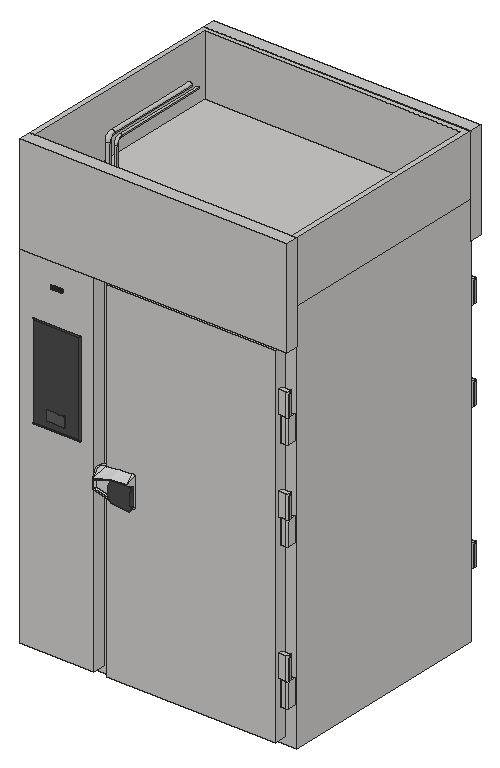
Revit family "QF_ZANUSSI_110551_ZBFA22RPE", category Specialty Equipment, Revit 2018 (continued)
Automatic sketch dimensions
  plane 3 "RIGHT" to curve 43 = 39 mm
  plane 3 "RIGHT" to curve 71 = 50 mm
  curve 42 to curve 40 = 11 mm
  curve 74 to curve 76 = 21 mm
  curve 42 to curve 44 = 21 mm
  curve 39 to plane 7 = 23 mm
  curve 47 to plane 7 = 57 mm
  curve 47 to curve 45 = 52.711 mm
  curve 45 to curve 41 = 95.289 mm
  curve 42 to curve 42 = 23.874 mm
  curve 42 to curve 44 = 1.937 mm
  curve 37 to curve 38 = 10 mm
  curve 36 to curve 35 = 20 mm
  curve 48 to plane 4 "FRONT" = 26.348 mm
  curve 12 to plane 4 "FRONT" = 313.032 mm
  curve 11 to curve 5 = 4.241 mm
  curve 5 to curve 4 = 0.785 mm
  curve 10 to curve 10 = 10 mm
  curve 16 to curve 15 = 4.974 mm
  curve 6 to plane 9 = 232 mm
  curve 5 to curve 4 = 0.032 mm
  plane 8 "BACK" to curve 25 = 93.807 mm
  curve 25 to curve 21 = 27.807 mm
  plane 8 "BACK" to curve 67 = 26.348 mm
  curve 64 to curve 61 = 10 mm
  curve 66 to curve 65 = 10 mm
  curve 76 to plane 8 "BACK" = 719.189 mm
  curve 75 to curve 75 = 1.937 mm
  curve 74 to curve 72 = 23.874 mm
  curve 72 to curve 77 = 95.289 mm
  curve 77 to curve 79 = 52.711 mm
  curve 78 to curve 71 = 34 mm
  curve 71 to curve 71 = 23 mm
  curve 30 to curve 29 = 8 mm
  curve 29 to curve 31 = 8 mm
  curve 32 to curve 32 = 23 mm
  curve 60 to curve 60 = 23 mm
  plane 8 "BACK" to curve 2 = 0.759 mm
  plane 3 "RIGHT" to curve 2 = 100 mm
  curve 2 to plane 4 "FRONT" = 0.759 mm
  curve 48 to curve 28 = 39.652 mm
  curve 4 to curve 20 = 19.974 mm
  curve 78 to curve 68 = 0 mm
  Extrusion 32 to Extrusion 12 sketch curve = 50.191 mm
  Extrusion 32 to Extrusion 12 sketch curve = 190.294 mm
  radius of Extrusion 13 sketch curve = 12.7 mm
  radius of Sweep 14 sketch curve = 11 mm
  radius of Sweep 15 sketch curve = 6 mm
  radius of Blend 17 sketch curve to Extrusion 11 = 0 mm  (x3)
  radius of Blend 18 sketch curve to Blend 17 = 5 mm  (x3)
  radius of Blend 18 sketch curve to Blend 17 = 10 mm  (x3)
  radius of Blend 18 to Blend 19 sketch curve = 10 mm  (x2)
  radius of Blend 19 sketch curve to Blend 18 = 0 mm  (x2)
  radius of Blend 26 sketch curve to Extrusion 25 = 0 mm  (x3)
  radius of Blend 27 sketch curve to Blend 26 = 5 mm  (x3)
  radius of Blend 27 sketch curve to Blend 26 = 10 mm  (x3)
  radius of Blend 27 to Blend 28 sketch curve = 10 mm  (x2)
  radius of Blend 28 sketch curve to Blend 27 = 0 mm  (x2)
  radius of Blend 35 sketch curve to Extrusion 34 = 0 mm  (x3)
  radius of Blend 36 sketch curve to Blend 35 = 5 mm  (x3)
  radius of Blend 36 sketch curve to Blend 35 = 10 mm  (x3)
  radius of Blend 36 to Blend 37 sketch curve = 10 mm  (x2)
  radius of Blend 37 sketch curve to Blend 36 = 0 mm  (x2)
  radius of Blend 42 sketch curve to Extrusion 41 = 0 mm  (x3)
  radius of Blend 43 sketch curve to Blend 42 = 5 mm  (x3)
  radius of Blend 43 sketch curve to Blend 42 = 10 mm  (x3)
  radius of Blend 43 to Blend 44 sketch curve = 10 mm  (x2)
  radius of Blend 44 sketch curve to Blend 43 = 0 mm  (x2)
  radius of Extrusion 12 sketch curve = 10 mm
Nested families
  nested 1: "ZAN_Touch" at (194.5, -1205, 1338.103) x (1, 0, 0) z (0, -1, 0), type "ZAN_Touch"
  nested 2: "ZAN_Logo_XS" at (194.5, -1205, 1764.991) x (1, 0, 0) z (0, -1, 0), visible <- "Show Logo", type "ZAN_Logo_XS"
Connectors
  piping at (271, -895, 110), diameter 25.4
    settings: on Extrusion 13, index 5, connector inside diameter 24", connector length 0 mm, flow factor 0, pipe flow 0 GPM, pressure drop 0.00 psi, fitting loss kfactor 0, connector angle 0.00°, fixture units 0, engagement length 0 mm, angle of deflection 0.00°, flow configuration 1, flow direction 2, fitting loss method 0, system type 16, joint type 0, gender type 0, connector reference index -1, connector utility 0, adjustable connector no, is connector primary yes, connector description "Drain"
  electrical at (50.191, 65, 2209.706), driven by "Volts"
    settings: on Extrusion 12, index 6, voltage 380 V, apparent load 0 VA, apparent load phase1 0 VA, apparent load phase2 0 VA, apparent load phase3 0 VA, power factor 1, load classification "Altro", number of poles 1, system type 30, power factor state 1, is connector primary yes, connector utility no, sub classification motor no, connector description "Electrical Connection"
  piping at (239, -337, 2344), diameter 12
    settings: on Sweep 15, index 7, connector inside diameter 24", connector length 0 mm, flow factor 0, pipe flow 0 GPM, pressure drop 0.00 psi, fitting loss kfactor 0, connector angle 0.00°, fixture units 0, engagement length 0 mm, angle of deflection 0.00°, flow configuration 1, flow direction 1, fitting loss method 0, system type 8, joint type 0, gender type 0, connector reference index -1, connector utility 0, adjustable connector no, is connector primary no, connector description "Refrigerant Outlet"
  piping at (196, -337, 2344), diameter 22
    settings: on Sweep 14, index 8, connector inside diameter 24", connector length 0 mm, flow factor 0, pipe flow 0 GPM, pressure drop 0.00 psi, fitting loss kfactor 0, connector angle 0.00°, fixture units 0, engagement length 0 mm, angle of deflection 0.00°, flow configuration 1, flow direction 1, fitting loss method 0, system type 7, joint type 0, gender type 0, connector reference index -1, connector utility 0, adjustable connector no, is connector primary no, connector description "Refrigerant Inlet"
Definition of nested family "ZAN_Touch"
  Parameters
    Default Elevation = 1219.2 mm
  Reference planes
    plane 1 "Centro (Fronte/Retro)": y = 0
    plane 2: z = 0
    plane 3 "Centro (Sinistra/Destra)": x = 0
  Forms (mm)
    Extrusion 1, solid
      sketch origin (0, 0, 0) x (1, 0, 0) y (0, 1, 0)
        loop
          line (-1219.2, 1219.2) -> (-1219.2, -1219.2) -> (1219.2, -1219.2) -> (1219.2, 1219.2) -> (-1219.2, 1219.2)
      from 0 to -304.8
    Extrusion 2, solid
      sketch origin (0, 0, 5) x (1, 0, 0) y (0, 1, 0)
        loop
          line (-47, -160) -> (-47, -202)
          arc (-47, -202) -> (-45.536, -205.535) -> (-42, -207) r 5
          line (-42, -207) -> (42, -207)
          arc (42, -207) -> (45.536, -205.535) -> (47, -202) r 5
          line (47, -202) -> (47, -160)
          arc (47, -160) -> (45.536, -156.465) -> (42, -155) r 5
          line (42, -155) -> (-42, -155)
          arc (-42, -155) -> (-45.536, -156.465) -> (-47, -160) r 5
      from 0 to 2
    Blend 3, solid
      base sketch origin (0, 0, 0) x (1, 0, 0) y (0, 1, 0)
        loop
          line (-127, 244) -> (-127, -244)
          arc (-127, -244) -> (-125.536, -247.536) -> (-122, -249) r 5
          line (-122, -249) -> (122, -249)
          arc (122, -249) -> (125.536, -247.536) -> (127, -244) r 5
          line (127, -244) -> (127, 244)
          arc (127, 244) -> (125.536, 247.536) -> (122, 249) r 5
          line (122, 249) -> (-122, 249)
          arc (-122, 249) -> (-125.536, 247.536) -> (-127, 244) r 5
      top sketch origin (0, 0, 0) x (1, 0, 0) y (0, 1, 0)
        loop
          line (-119, -241) -> (119, -241) -> (119, 241) -> (-119, 241) -> (-119, -241)
      from 0 to 5
  Lines and regions (mm)
    Split face 1
      outline origin (0, 0, 5) x (1, 0, 0) y (0, 1, 0)
        loop
          line (-70.506, 46.167) -> (70.506, 46.167) -> (70.506, 214.829) -> (-70.506, 214.829) -> (-70.506, 46.167)
    Split face 2
      outline origin (0, 0, 5) x (1, 0, 0) y (0, 1, 0)
        loop
          line (-47.467, 50.825) -> (47.467, 50.825) -> (47.467, 210.171) -> (-47.467, 210.171) -> (-47.467, 50.825)
    Split face 3
      outline origin (0, 0, 5) x (1, 0, 0) y (0, 1, 0)
        loop
          line (116.89, 241) -> (114.093, 80.78)
          arc (114.093, 80.78) -> (111.629, 50.696) -> (105.329, 21.176) r 235
          arc (105.329, 21.176) -> (102.404, 0) -> (105.329, -21.176) r 78.117
          arc (105.329, -21.176) -> (111.629, -50.696) -> (114.093, -80.78) r 235
          line (114.093, -80.78) -> (116.89, -241)
  Dimensions and locks
    aligned and locked: plane 2 to Extrusion 1
    aligned and locked: level to Extrusion 1
Definition of nested family "ZAN_Logo_XS"
  Parameters
    Default Elevation = 0 mm
    M [instance] = none
  Reference planes
    plane 1 "Centro (Fronte/Retro)": y = 0
    plane 2: z = 0
    plane 3 "Centro (Sinistra/Destra)": x = 0
  Forms (mm)
    Extrusion 1, solid
      sketch origin (0, 0, 0) x (1, 0, 0) y (0, 1, 0)
        loop
          line (-1219.2, 1219.2) -> (-1219.2, -1219.2) -> (1219.2, -1219.2) -> (1219.2, 1219.2) -> (-1219.2, 1219.2)
      from 0 to -304.8
    Extrusion 2, solid, material <- "M"
      sketch origin (17.793, -46.218, 0) x (-1, 0, 0) y (0, -1, 0)
        loop
          spline (1.911, -54.793) -> (2.402, -54.973) -> (2.91, -55.105) -> (3.43, -55.191) -> (3.955, -55.229) -> (4.482, -55.219) -> (5.006, -55.161) -> (5.521, -55.054) -> (6.022, -54.898) -> (6.506, -54.693) -> (6.966, -54.438) -> (7.398, -54.133) -> (7.797, -53.778)
          spline (7.797, -53.778) -> (8.033, -53.407) -> (8.237, -53.008) -> (8.407, -52.586) -> (8.544, -52.147) -> (8.65, -51.697) -> (8.723, -51.241) -> (8.764, -50.785) -> (8.774, -50.335) -> (8.753, -49.897) -> (8.701, -49.475) -> (8.619, -49.075) -> (8.507, -48.704)
          line (8.507, -48.704) -> (6.883, -46.37) -> (5.158, -44.848) -> (3.027, -42.716)
          spline (3.027, -42.716) -> (3.002, -42.56) -> (2.979, -42.398) -> (2.962, -42.23) -> (2.952, -42.059) -> (2.951, -41.886) -> (2.963, -41.714) -> (2.99, -41.545) -> (3.034, -41.378) -> (3.098, -41.218) -> (3.184, -41.065) -> (3.295, -40.921) -> (3.433, -40.788)
          line (3.433, -40.788) -> (4.752, -40.687)
          spline (4.752, -40.687) -> (4.999, -40.855) -> (5.185, -41.053) -> (5.32, -41.275) -> (5.41, -41.518) -> (5.463, -41.775) -> (5.488, -42.044) -> (5.491, -42.319) -> (5.481, -42.596) -> (5.466, -42.87) -> (5.452, -43.137) -> (5.448, -43.392) -> (5.462, -43.63)
          line (5.462, -43.63) -> (9.014, -43.63)
          spline (9.014, -43.63) -> (9.056, -43.199) -> (9.08, -42.769) -> (9.084, -42.342) -> (9.067, -41.92) -> (9.027, -41.503) -> (8.964, -41.093) -> (8.875, -40.691) -> (8.759, -40.3) -> (8.615, -39.919) -> (8.441, -39.552) -> (8.237, -39.198) -> (7.999, -38.86)
          spline (7.999, -38.86) -> (7.708, -38.596) -> (7.394, -38.361) -> (7.059, -38.155) -> (6.707, -37.977) -> (6.338, -37.828) -> (5.957, -37.706) -> (5.565, -37.612) -> (5.165, -37.545) -> (4.76, -37.504) -> (4.351, -37.491) -> (3.942, -37.503) -> (3.534, -37.541)
          spline (3.534, -37.541) -> (3.104, -37.608) -> (2.677, -37.709) -> (2.258, -37.842) -> (1.85, -38.007) -> (1.459, -38.203) -> (1.086, -38.429) -> (0.737, -38.685) -> (0.415, -38.969) -> (0.123, -39.282) -> (-0.133, -39.622) -> (-0.35, -39.989) -> (-0.525, -40.383)
          spline (-0.525, -40.383) -> (-0.633, -40.866) -> (-0.704, -41.352) -> (-0.738, -41.837) -> (-0.736, -42.318) -> (-0.698, -42.794) -> (-0.627, -43.262) -> (-0.521, -43.719) -> (-0.382, -44.164) -> (-0.211, -44.592) -> (-0.008, -45.003) -> (0.226, -45.394) -> (0.49, -45.761)
          line (0.49, -45.761) -> (4.549, -49.414) -> (5.056, -50.023) -> (5.259, -51.647) -> (4.042, -52.256) -> (3.027, -51.546) -> (2.925, -49.414) -> (-0.424, -49.414) -> (-0.22, -52.865)
          spline (-0.22, -52.865) -> (-0.13, -53.068) -> (-0.013, -53.268) -> (0.127, -53.466) -> (0.287, -53.658) -> (0.464, -53.843) -> (0.655, -54.019) -> (0.856, -54.185) -> (1.065, -54.338) -> (1.278, -54.478) -> (1.492, -54.601) -> (1.704, -54.707) -> (1.911, -54.793)
        loop
          spline (-10.267, -52.966) -> (-9.987, -53.421) -> (-9.658, -53.822) -> (-9.284, -54.17) -> (-8.873, -54.466) -> (-8.429, -54.711) -> (-7.959, -54.907) -> (-7.467, -55.054) -> (-6.96, -55.154) -> (-6.443, -55.207) -> (-5.922, -55.214) -> (-5.402, -55.178) -> (-4.889, -55.098)
          spline (-4.889, -55.098) -> (-4.532, -55.03) -> (-4.176, -54.93) -> (-3.825, -54.799) -> (-3.483, -54.639) -> (-3.156, -54.45) -> (-2.847, -54.235) -> (-2.561, -53.994) -> (-2.303, -53.729) -> (-2.077, -53.442) -> (-1.889, -53.134) -> (-1.742, -52.805) -> (-1.641, -52.459)
          spline (-1.641, -52.459) -> (-1.485, -51.997) -> (-1.371, -51.525) -> (-1.299, -51.049) -> (-1.269, -50.572) -> (-1.282, -50.098) -> (-1.337, -49.63) -> (-1.434, -49.173) -> (-1.574, -48.73) -> (-1.756, -48.306) -> (-1.98, -47.904) -> (-2.246, -47.528) -> (-2.555, -47.182)
          line (-2.555, -47.182) -> (-6.31, -43.833) -> (-7.121, -42.615)
          spline (-7.121, -42.615) -> (-7.146, -42.461) -> (-7.169, -42.304) -> (-7.188, -42.144) -> (-7.2, -41.984) -> (-7.204, -41.823) -> (-7.198, -41.664) -> (-7.178, -41.506) -> (-7.144, -41.352) -> (-7.093, -41.202) -> (-7.023, -41.058) -> (-6.932, -40.919) -> (-6.817, -40.788)
          line (-6.817, -40.788) -> (-5.802, -40.585)
          spline (-5.802, -40.585) -> (-5.443, -40.671) -> (-5.17, -40.818) -> (-4.971, -41.02) -> (-4.836, -41.266) -> (-4.753, -41.547) -> (-4.711, -41.854) -> (-4.699, -42.178) -> (-4.705, -42.51) -> (-4.718, -42.84) -> (-4.726, -43.16) -> (-4.719, -43.46) -> (-4.686, -43.731)
          line (-4.686, -43.731) -> (-1.134, -43.63)
          spline (-1.134, -43.63) -> (-1.09, -43.193) -> (-1.063, -42.747) -> (-1.055, -42.296) -> (-1.07, -41.845) -> (-1.112, -41.396) -> (-1.185, -40.953) -> (-1.291, -40.522) -> (-1.435, -40.104) -> (-1.619, -39.705) -> (-1.848, -39.329) -> (-2.125, -38.978) -> (-2.453, -38.657)
          spline (-2.453, -38.657) -> (-2.873, -38.351) -> (-3.319, -38.09) -> (-3.785, -37.876) -> (-4.269, -37.706) -> (-4.765, -37.582) -> (-5.269, -37.503) -> (-5.778, -37.468) -> (-6.287, -37.477) -> (-6.792, -37.53) -> (-7.288, -37.626) -> (-7.771, -37.765) -> (-8.238, -37.947)
          spline (-8.238, -37.947) -> (-8.443, -38.033) -> (-8.65, -38.14) -> (-8.858, -38.264) -> (-9.065, -38.405) -> (-9.269, -38.562) -> (-9.468, -38.733) -> (-9.661, -38.917) -> (-9.846, -39.112) -> (-10.022, -39.317) -> (-10.185, -39.53) -> (-10.335, -39.751) -> (-10.47, -39.977)
          spline (-10.47, -39.977) -> (-10.65, -40.464) -> (-10.783, -40.962) -> (-10.87, -41.467) -> (-10.91, -41.976) -> (-10.904, -42.487) -> (-10.851, -42.996) -> (-10.752, -43.501) -> (-10.606, -43.998) -> (-10.413, -44.486) -> (-10.174, -44.961) -> (-9.889, -45.421) -> (-9.557, -45.863)
          line (-9.557, -45.863) -> (-5.295, -49.719) -> (-4.787, -51.038) -> (-5.193, -52.053) -> (-6.107, -52.256) -> (-7.121, -51.546) -> (-7.223, -49.516) -> (-10.673, -49.414)
          spline (-10.673, -49.414) -> (-10.656, -49.721) -> (-10.65, -50.03) -> (-10.653, -50.341) -> (-10.658, -50.651) -> (-10.662, -50.96) -> (-10.661, -51.267) -> (-10.648, -51.569) -> (-10.621, -51.865) -> (-10.573, -52.154) -> (-10.502, -52.435) -> (-10.401, -52.706) -> (-10.267, -52.966)
        loop
          line (-11.282, -37.541) -> (-14.834, -37.541) -> (-14.834, -54.894) -> (-11.282, -54.894) -> (-11.282, -37.541)
        loop
          line (15.205, -41.702) -> (15.205, -54.894) -> (18.757, -54.894) -> (18.757, -43.224) -> (18.554, -40.383)
          arc (18.554, -40.383) -> (17.093, -38.328) -> (14.698, -37.541) r 4.037
          line (14.698, -37.541) -> (13.074, -37.541) -> (12.262, -37.744)
          arc (12.262, -37.744) -> (10.306, -39.004) -> (9.522, -41.194) r 3.619
          line (9.522, -41.194) -> (9.522, -54.894) -> (13.074, -54.894) -> (13.074, -42.006) -> (13.479, -41.093) -> (14.596, -40.991) -> (15.205, -41.702)
        loop
          line (19.569, -54.894) -> (22.816, -54.894) -> (22.816, -43.833) -> (25.759, -54.894) -> (29.514, -54.894) -> (29.514, -37.541) -> (26.368, -37.541) -> (26.368, -49.008) -> (23.425, -37.541) -> (19.569, -37.541) -> (19.569, -54.894)
        loop
          line (41.184, -54.894) -> (50.013, -54.894) -> (50.013, -51.647) -> (45.345, -51.749) -> (50.419, -41.093) -> (50.419, -37.541) -> (41.184, -37.541) -> (41.184, -41.093) -> (46.511, -41.093) -> (41.184, -51.952) -> (41.184, -54.894)
        loop
          line (32.964, -54.894) -> (37.835, -54.894) -> (40.981, -37.541) -> (37.328, -37.541) -> (36.821, -40.89) -> (33.878, -40.89) -> (33.37, -37.541) -> (29.717, -37.541) -> (32.964, -54.894)
        loop
          line (36.415, -44.036) -> (34.385, -44.036) -> (35.4, -51.928) -> (36.415, -44.036)
      from 0 to 1.644
  Dimensions and locks
    aligned and locked: plane 2 to Extrusion 1
    aligned and locked: level to Extrusion 1
